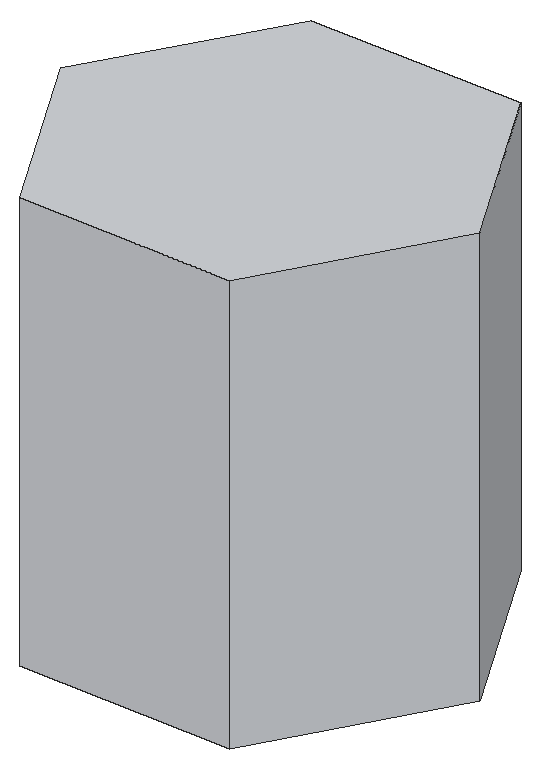
Revit family "FloorHosted", category Generic Models, host Floor, Revit 2018
Family settings
  Host = Floor
  Can host rebar = No
  Round Connector Dimension = Use Diameter
  Part Type = Normal
  Always vertical = Yes
  Cut with Voids When Loaded = No
  Shared = No
  Room Calculation Point = No
Reference planes (in)
  plane 1 "Center (Front/Back)": y = 0
  plane 2: z = 0
  plane 3 "Center (Left/Right)": x = 0
Forms (in)
  Extrusion 1, solid
    sketch origin (0, 0, 0) x (1, 0, 0) y (0, 1, 0)
      loop
        line (6, 0) -> (3, 5.19615) -> (-3, 5.19615) -> (-6, 0) -> (-3, -5.19615) -> (3, -5.19615) -> (6, 0)
    from 0 to 12
Dimensions and locks (in)
  equal spacing: host sketch curve, plane 1 "Center (Front/Back)", host sketch curve
  equal spacing: host sketch curve, plane 3 "Center (Left/Right)", host sketch curve
  host sketch curve to host sketch curve = 10' - 0"  (x2)
  aligned and locked: level to plane 2
